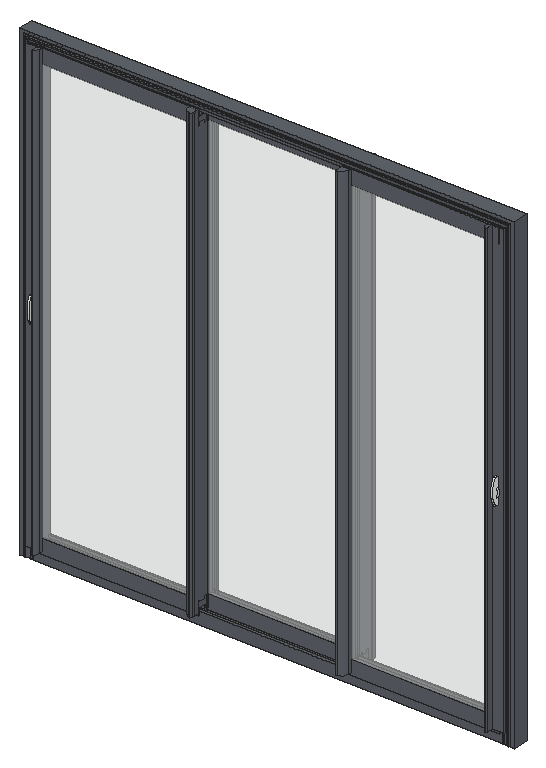
Revit family "Wicslide_65_Glass32_3_leaf_2_track_independent", category Doors, host Wall, Revit 2014
Parameters
  Youtube clip = ""
  Weight Net (Kg) = 0
  Watertightness = "E900"
  Uniclass2 = "Ss-25-30-95-28"
  Uniclass 2015 Name = ""
  Uniclass 2015 Code = ""
  Uniclass 2.0 Description = ""
  Uniclass 2.0 Code = ""
  Uniclass 1.4 Description = ""
  Uniclass 1.4 Code = ""
  URL = "http://www.wicona.com"
  UNSPSC Code = ""
  Technical description = ""
  Sash meeting 3041252 = yes
  Sash meeting 3041251 = no
  Sash meeting 3041250 = not(or(Sash meeting 3041251, Sash meeting 3041252))  # no
  Sash 1041273 = yes
  Thermal (2-leaf frame) = "Uw < 1.5 W/m².K (with Ug = 1.0)"
  Sash 1041272 = no
  Sash 1041271 = no
  Sash 1041270 = not(or(Sash 1041271, Sash 1041272, Sash 1041273))  # no
  Repeated Opening/Closing = "Class 3 (20,000 Cycles)"
  Region South America = "None"
  Region Oceania = "None"
  Region North America = "None"
  Region Middle East = "None"
  Region Europe = "AD, AL, AT, AX, BA, BE, BG, BY, CH, CS, CY, CZ, DE, DK, EE, ES, FI, FO, FR, GB, GG, GI, GR, HR, HU, IE, IM, IS, IT, JE, LI, LT, LU, LV, MC, MD, ME, MK, MT, NL, NO, PL, PT, RO, RS, RU, SE, SI, SJ, SK, SM, UA, VA, XK"
  Region Asia = "None"
  Region Antarctica = "None"
  Region Africa = "None"
  Quality Assurance = "Certified according to ISO 9001:2008"
  QR code = "http://bimobject.com/wicona/product/WICSLIDE_65_W"
  Product group = ""
  Product family = ""
  Product data url = "http://bimobject.com/wicona/product/WICSLIDE_65_W"
  Product certification = ""
  Product SKU = "WICSLIDE_65_W"
  Product Guid = "74bd8be9-202c-4542-9c4e-775a99e34c85"
  Operation = "IFC_DOORSLIDING"
  Operating Forces = "Class 1"
  OmniClass Description = ""
  OmniClass Code = ""
  Nominal width = 220000
  Nominal height = 210000
  NBS Reference Description = ""
  NBS Reference Code = ""
  Model = "Wicslide 65"
  Mechanical Strength = "Class 4"
  Maximum Sash Weight = "160kg as standard design, heavier weights can easily be customised"
  Material secondary = ""
  Material main = ""
  Manufacturer name = "Wicona"
  Manufacturer country = "Germany"
  Manufacturer = "Wicona"
  Load Bearing Capacity of Safety Devices = "Fulfilled"
  Leaf Width = (Width - Leaf 3 Width) / 2 - (Frame Width 2 / 2)  # 736.617 mm
  Leaf Material = WICONA - Aluminium - RAL7016 - Anthracite Grey - Matt
  Leaf Height All = Height - Frame Width 2 - Bottom Offset  # 2006 mm
  Leaf Connect = 6.2 mm  # constant formula
  Leaf 3 Width = (Width - Frame Width 2 * 2) / 3 - 22.4 mm  # 679.267 mm
  Leaf 2 Width = Width - Leaf 3 Width - Leaf Width - (Frame Width 2 * 2)  # 689.117 mm
  Keynote = "L10/330"
  Installation instructions = ""
  IFC Classification = ""
  Handle Material = Aluminium
  Glass Material = WICONA -  Glass
  Function = Interior
  Frame Width 3 = Frame Width - 24.5 mm  # 42.5 mm
  Frame Width 2 = if(Frame 1041226, 47.5 mm, 54.5 mm)  # 47.5 mm
  Frame Width = 67 mm
  Height = 2100 mm
  Wall Closure = By host
  Width = 2200 mm
  Frame Material = WICONA - Aluminium - RAL7016 - Anthracite Grey - Matt
  Frame Depth = 65 mm
  Frame 1041226 = yes
  Frame 1041231 = not(or(Frame 1041226))  # no
  Edition number = 1
  EN1627 Burglar Resistance = "RC1N, RC2N, RC2, RC3, SBD"
  EAN code = ""
  Door Offset = 60 mm
  Door 3 connect = Leaf Width + 48.5 mm  # 785.117 mm
  Design country = "Germany"
  Description = "With  its  various  designs  of  outer  and  opening  frames, multiple  leaf  combinations  (from  2  to  6  leaves)  and  its  comprehensive range of dual colour solutions, the Wicslide 65 brings greater freedom to building design. Designed  to  meet  market  demands,  Wicslide  65  sliding doors are perfectly suited for disabled access."
  Date of publishing = "3/14/2015"
  Corrosion Resistance of the Fittings = "Class 5"
  COBIe Type Category = ""
  Bottom Offset = if(Frame Bottom 1041226, 46.5 mm, 39.5 mm)  # 46.5 mm
  Frame Bottom 1041232 = no
  Frame Bottom 1041226 = yes
  Frame Bottom 1041231 = not(or(Frame Bottom 1041232, Frame Bottom 1041226))  # no
  BIMobject category = ""
  Analytic Construction = "<None>"
  Air Permeability = "Class 4"
  Acoustic = "RA,tr = 35 dB"
Reference planes
  plane 1: y = 0
  plane 2 "Center (Left/Right)": x = 0
  plane 3 "Left": x = -1100
  plane 4 "Right": x = 1100
  plane 5: z = 2100
  plane 6 "Exterior": y = 75
  plane 7 "Interior": y = -75
  plane 8 "base line": y = 15
  plane 9: y = -50
  plane 10: x = -1052.5
  plane 11: z = 2052.5
  plane 12: x = 1052.5
  plane 13: x = -314.883
  plane 14: y = 1081.9
  plane 15: x = -1053.5
  plane 16: x = 1053.5
  plane 17: y = -44
  plane 18: y = 9
  plane 19: z = 2051.035
  plane 20: x = 363.383
Forms (mm)
  Sweep 1, solid, material "WICONA - Aluminium - RAL7016 - Anthracite Grey - Matt" <- "Frame Material", visible <- "Frame 1041231"
    path origin (0, 15, 0) x (-1, 0, 0) y (0, 0, 1)
      loop
        line (1100, 0) -> (1100, 2100) -> (-1100, 2100) -> (-1100, 0)
    profile "Frame_1041231_profil : Frame_1041231_profil" origin (-1100, 15, 1050) x (1, 0, 0) y (0, 1, 0)
      loop
        line (0, 0.014) -> (0, -64.986) -> (47.501, -64.986) -> (47.501, -52.986) -> (28.03, -52.986) -> (28.03, -11.986) -> (47.501, -11.986) -> (47.501, 0.014) -> (0, 0.014)
  Sweep 2, solid, material "WICONA - Aluminium - RAL7016 - Anthracite Grey - Matt" <- "Frame Material", visible <- "Frame Bottom 1041231"
    path origin (0, 15, 0) x (-1, 0, 0) y (0, 0, 1)
      loop
        line (1053.5, 0) -> (-1053.5, 0)
    profile origin (0, 15, 0) x (0, 0, -1) y (0, 1, 0)
      loop
        line (0, 0) -> (-47.501, 0) -> (-47.501, -11.986) -> (-28.03, -11.986) -> (-28.03, -52.986) -> (-47.501, -52.986) -> (-47.501, -65) -> (0, -65) -> (0, 0)
  Sweep 3, solid, material "WICONA - Aluminium - RAL7016 - Anthracite Grey - Matt" <- "Frame Material", visible <- "Frame Bottom 1041226"
    path origin (0, 15, 0) x (-1, 0, 0) y (0, 0, 1)
      loop
        line (1053.5, 0) -> (-1053.5, 0)
    profile origin (0, 15, 0) x (0, 0, -1) y (0, 1, 0)
      loop
        line (-41.095, 0) -> (-54.504, 0) -> (-54.504, -11.986) -> (-35.067, -11.986) -> (-35.067, -52.986) -> (-54.504, -52.986) -> (-54.504, -65) -> (0, -65) -> (0, 0) -> (-16, 0) -> (-16, -5.069) -> (-17.931, -7) -> (-22.706, -7) -> (-22.706, 2) -> (-28.468, 2) -> (-41.095, 0)
  Sweep 4, solid, material "WICONA - Aluminium - RAL7016 - Anthracite Grey - Matt" <- "Frame Material", visible <- "Frame Bottom 1041232"
    path origin (0, 15, 0) x (-1, 0, 0) y (0, 0, 1)
      loop
        line (1053.5, 0) -> (-1053.5, 0)
    profile origin (0, 15, 0) x (0, 0, -1) y (0, 1, 0)
      loop
        line (0, 0) -> (-47.552, 0) -> (-47.552, -12) -> (-28.081, -12) -> (-28.081, -52.986) -> (-47.552, -52.986) -> (-47.552, -65.018) -> (-18.5, -65.018) -> (-18.5, -78.723)
        arc (-18.5, -78.723) -> (-25.362, -83.224) -> (-33.01, -86.2) r 39.233
        line (-33.01, -86.2) -> (-46.2, -86.2) -> (-46.2, -85) -> (-47.5, -85) -> (-47.5, -88) -> (-32.284, -88)
        arc (-32.284, -88) -> (-23.829, -84.402) -> (-16.3, -79.134) r 44.207
        line (-16.3, -79.134) -> (-16.3, -65) -> (0, -65) -> (0, 0)
  Sweep 5, solid, material "WICONA - Aluminium - RAL7016 - Anthracite Grey - Matt" <- "Frame Material", visible <- "Frame 1041226"
    path origin (0, 15, 0) x (-1, 0, 0) y (0, 0, 1)
      loop
        line (1100, 0) -> (1100, 2100) -> (-1100, 2100) -> (-1100, 0)
    profile origin (-1100, 15, 1050) x (1, 0, 0) y (0, 1, 0)
      loop
        line (54.5, -65) -> (54.5, -53) -> (35.067, -53) -> (35.067, -12) -> (54.5, -12) -> (54.5, 0) -> (0, 0) -> (0, -65) -> (16, -65) -> (16, -59.931) -> (17.931, -58) -> (22.706, -58) -> (22.706, -67) -> (28.468, -67) -> (41.095, -65) -> (54.5, -65)
Lines and regions (mm)
  Opening 1
    outline origin (-3050, -75, 0) x (1, 0, 0) y (0, 0, 1)
      loop
        line (1950, 0) -> (4150, 0) -> (4150, 2100) -> (1950, 2100) -> (1950, 0)
  model lines
    curve 1: line (0, -47.728, -46.926) -> (0, -47.728, -43.389)
  symbolic lines, style "Elevation Swing"
    curve 2: line (547.988, -75, 1198.851) -> (827.988, -75, 1198.851)
    curve 3: line (547.988, -75, 1198.851) -> (608.093, -75, 1258.955)
    curve 4: line (547.988, -75, 1198.851) -> (608.093, -75, 1138.747)
    curve 14: line (-547.988, -75, 1198.851) -> (-827.988, -75, 1198.851)
    curve 15: line (-547.988, -75, 1198.851) -> (-608.093, -75, 1258.955)
    curve 16: line (-547.988, -75, 1198.851) -> (-608.093, -75, 1138.747)
  symbolic lines, style "Plan Swing", detail levels coarse
    curve 5: line (-1052.5, -75, 0) -> (-1100, -75, 0)
    curve 6: line (1052.5, 75, 0) -> (1052.5, -75, 0)
    curve 7: line (-1052.5, 75, 0) -> (-1052.5, -75, 0)
    curve 8: line (-1052.5, 75, 0) -> (-1100, 75, 0)
    curve 9: line (1100, 75, 0) -> (1052.5, 75, 0)
    curve 10: line (1100, -75, 0) -> (1052.5, -75, 0)
  symbolic lines, style "Elevation Swing", not visible
    curve 11: line (213.788, -75, 1198.851) -> (493.788, -75, 1198.851)
    curve 12: line (213.788, -75, 1198.851) -> (273.892, -75, 1258.955)
    curve 13: line (213.788, -75, 1198.851) -> (273.892, -75, 1138.747)
Text (mm)
  text "Exterior" at (-2295.016, 1099.543, 0), in view "Ref. Level"
  text "Exterior" at (0, 1615.38, 3698.081), in view "Left"
  text "Exterior" at (0, 1036.032, 3874.932), in view "Right"
Dimensions and locks
  equal spacing: plane 3 "Left", plane 2 "Center (Left/Right)", plane 4 "Right"
  "Width": plane 3 "Left" to plane 4 "Right"
  "Height": plane 5 to host wall
  host wall to plane 5 = 2100 mm  (x2)
  locked: plane 6 "Exterior" to host wall at 0
  locked: plane 7 "Interior" to host wall
  "Door Offset": host wall to plane 8 "base line"
  "Frame Depth": plane 8 "base line" to plane 9
  "Frame Width 2": plane 3 "Left" to plane 10
  "Frame Width 2": plane 11 to plane 5
  "Frame Width 2": plane 12 to plane 4 "Right"
  "Bottom Offset": plane 3 "Left" to plane 15
  "Bottom Offset": plane 16 to plane 4 "Right"
  locked: plane 8 "base line" to plane 18 at 6
  locked: plane 9 to plane 17 at 6
  locked: plane 11 to plane 19 at 1.465
  "Door 3 connect": plane 3 "Left" to plane 13
  "Leaf 2 Width": plane 20 to plane 12
  aligned and locked: plane 3 "Left" to Opening 1 sketch curve
  aligned and locked: plane 5 to Opening 1 sketch curve  (x2)
  aligned and locked: Opening 1 sketch curve to plane 4 "Right"
  aligned and locked: Opening 1 sketch curve to level
  aligned and locked: plane 1 to host wall
  aligned and locked: Sweep 1 sketch curve to plane 3 "Left"
  aligned and locked: plane 5 to Sweep 1 sketch curve
  aligned and locked: plane 4 "Right" to Sweep 1 sketch curve
  aligned and locked: nested 1 to plane 8 "base line"
  aligned and locked: nested 1 to plane 3 "Left"
  aligned and locked: nested 2 to plane 4 "Right"
  aligned and locked: plane 8 "base line" to nested 2
  aligned and locked: plane 9 to nested 3
  aligned and locked: level to nested 3
  aligned and locked: nested 4 to level
  aligned and locked: nested 4 to plane 9
  aligned and locked: level to nested 5
  aligned and locked: plane 9 to nested 5
  aligned and locked: plane 16 to Sweep 3 sketch curve
  aligned and locked: plane 15 to Sweep 3 sketch curve
  aligned and locked: plane 15 to Sweep 4 sketch curve
  aligned and locked: plane 16 to Sweep 4 sketch curve
  aligned and locked: plane 15 to Sweep 2 sketch curve
  aligned and locked: plane 16 to Sweep 2 sketch curve
  aligned and locked: plane 5 to nested 6
  aligned and locked: nested 7 to plane 4 "Right"
  aligned and locked: plane 8 "base line" to nested 7
  aligned and locked: nested 8 to plane 8 "base line"
  aligned and locked: nested 8 to plane 3 "Left"
  aligned and locked: plane 5 to nested 9
  aligned and locked: plane 9 to nested 9
  aligned and locked: plane 7 "Interior" to curve 7
  aligned and locked: plane 6 "Exterior" to curve 7
  aligned and locked: curve 7 to plane 10
  aligned and locked: plane 3 "Left" to curve 8
  aligned and locked: plane 10 to curve 8
  aligned and locked: curve 8 to plane 6 "Exterior"
  aligned and locked: plane 3 "Left" to curve 5
  aligned and locked: curve 5 to plane 7 "Interior"
  aligned and locked: plane 7 "Interior" to curve 6
  aligned and locked: plane 6 "Exterior" to curve 6
  aligned and locked: curve 6 to plane 12
  aligned and locked: plane 4 "Right" to curve 10
  aligned and locked: plane 12 to curve 10
  aligned and locked: curve 10 to plane 7 "Interior"
  aligned and locked: plane 4 "Right" to curve 9
  aligned and locked: curve 9 to plane 6 "Exterior"
  aligned and locked: plane 10 to nested 10
  aligned and locked: nested 10 to plane 18
  aligned and locked: nested 11 to plane 17
  aligned and locked: plane 12 to nested 11
  aligned and locked: nested 6 to plane 9
  aligned and locked: plane 13 to nested 12
  aligned and locked: plane 10 to nested 12
  aligned and locked: plane 13 to nested 13
  aligned and locked: plane 20 to nested 13
  aligned and locked: plane 20 to nested 14
  aligned and locked: plane 12 to nested 14
  aligned and locked: plane 17 to nested 12
  aligned and locked: nested 14 to plane 18
  aligned and locked: nested 13 to plane 18
  aligned and locked: plane 10 to nested 15
  aligned and locked: nested 15 to plane 19
  aligned and locked: plane 17 to nested 15
  aligned and locked: nested 16 to plane 13
  aligned and locked: plane 19 to nested 16
  aligned and locked: nested 16 to plane 18
  aligned and locked: plane 12 to nested 17
  aligned and locked: plane 19 to nested 17
  aligned and locked: nested 17 to plane 17
Automatic sketch dimensions
  Sweep 1 sketch curve to level = 0 mm  (x2)
  Sweep 3 sketch curve to level = 0 mm
  plane 9 to curve 1 = 2.272 mm
  curve 1 to level = 46.926 mm
  curve 1 to curve 1 = 3.537 mm
  Sweep 2 sketch curve to level = 0 mm
  Sweep 4 sketch curve to level = 0 mm
  plane 4 "Right" to Sweep 5 sketch curve = 0 mm
  plane 3 "Left" to Sweep 5 sketch curve = 0 mm
  Sweep 5 sketch curve to level = 0 mm  (x2)
  Sweep 5 sketch curve to plane 5 = 0 mm
  Sweep 3 sketch curve to plane 8 "base line" = 0 mm  (x2)
  Sweep 3 sketch curve to profile plane = 0 mm
  Sweep 3 sketch curve to plane 8 "base line" = 5.069 mm
  profile plane to Sweep 3 sketch curve = 16 mm
  Sweep 3 sketch curve to plane 8 "base line" = 7 mm
  Sweep 3 sketch curve to Sweep 3 sketch curve = 1.931 mm
  plane 8 "base line" to Sweep 3 sketch curve = 2 mm
  Sweep 3 sketch curve to Sweep 3 sketch curve = 6.706 mm
  Sweep 3 sketch curve to Sweep 3 sketch curve = 5.762 mm
  Sweep 3 sketch curve to Sweep 3 sketch curve = 12.361 mm
  Sweep 3 sketch curve to Sweep 3 sketch curve = 12.628 mm
  Sweep 3 sketch curve to Sweep 3 sketch curve = 19.437 mm
  Sweep 3 sketch curve to Sweep 3 sketch curve = 13.408 mm
  Sweep 3 sketch curve to plane 8 "base line" = 11.986 mm
  Sweep 3 sketch curve to Sweep 3 sketch curve = 41 mm
  Sweep 3 sketch curve to Sweep 3 sketch curve = 12.014 mm
  Sweep 2 sketch curve to plane 8 "base line" = 0 mm
  profile plane to Sweep 2 sketch curve = 47.501 mm
  Sweep 2 sketch curve to Sweep 2 sketch curve = 0 mm
  Sweep 2 sketch curve to Sweep 2 sketch curve = 19.471 mm
  Sweep 2 sketch curve to profile plane = 0 mm
  Sweep 2 sketch curve to plane 8 "base line" = 11.986 mm
  Sweep 2 sketch curve to Sweep 2 sketch curve = 41 mm
  Sweep 2 sketch curve to Sweep 2 sketch curve = 12.014 mm
  Sweep 5 sketch curve to plane 8 "base line" = 0 mm
  Sweep 5 sketch curve to profile plane = 0 mm
  Sweep 5 sketch curve to profile plane = 16 mm
  Sweep 5 sketch curve to Sweep 5 sketch curve = 1.931 mm  (x2)
  Sweep 5 sketch curve to Sweep 5 sketch curve = 6.706 mm
  Sweep 5 sketch curve to Sweep 5 sketch curve = 5.762 mm
  Sweep 5 sketch curve to plane 8 "base line" = 12 mm
  Sweep 5 sketch curve to profile plane = 35.067 mm
  Sweep 5 sketch curve to Sweep 5 sketch curve = 19.433 mm  (x2)
  Sweep 5 sketch curve to Sweep 5 sketch curve = 41 mm
  Sweep 5 sketch curve to Sweep 5 sketch curve = 5 mm
  Sweep 5 sketch curve to Sweep 5 sketch curve = 5.069 mm
  Sweep 5 sketch curve to Sweep 5 sketch curve = 2 mm
  Sweep 5 sketch curve to Sweep 5 sketch curve = 12.628 mm
  Sweep 5 sketch curve to Sweep 5 sketch curve = 12 mm
  Sweep 4 sketch curve to plane 8 "base line" = 0 mm
  Sweep 4 sketch curve to profile plane = 0 mm
  profile plane to Sweep 4 sketch curve = 16.3 mm
  Sweep 4 sketch curve to Sweep 4 sketch curve = 2.2 mm
  Sweep 4 sketch curve to plane 8 "base line" = 12 mm
  Sweep 4 sketch curve to Sweep 4 sketch curve = 13.784 mm
  Sweep 4 sketch curve to Sweep 4 sketch curve = 15.252 mm
  Sweep 4 sketch curve to Sweep 4 sketch curve = 1.939 mm
  Sweep 4 sketch curve to Sweep 4 sketch curve = 13.916 mm
  Sweep 4 sketch curve to Sweep 4 sketch curve = 1.3 mm
  Sweep 4 sketch curve to Sweep 4 sketch curve = 4.219 mm
  Sweep 4 sketch curve to Sweep 4 sketch curve = 19.471 mm
  Sweep 4 sketch curve to Sweep 4 sketch curve = 33.744 mm
  Sweep 4 sketch curve to Sweep 4 sketch curve = 2.605 mm
  Sweep 4 sketch curve to Sweep 4 sketch curve = 4.637 mm
  Sweep 4 sketch curve to Sweep 4 sketch curve = 12.014 mm
  Sweep 4 sketch curve to Sweep 4 sketch curve = 12.032 mm
  Sweep 4 sketch curve to Sweep 4 sketch curve = 14.134 mm
  Sweep 4 sketch curve to Sweep 4 sketch curve = 3 mm
  Sweep 4 sketch curve to Sweep 4 sketch curve = 1.2 mm
  Sweep 4 sketch curve to Sweep 4 sketch curve = 0.726 mm
  Sweep 4 sketch curve to Sweep 4 sketch curve = 0.411 mm
Nested families
  nested 1: "Frame_1041231" at (-1100, 15, 0), visible <- "Frame 1041231", type "Frame_1041231"
  nested 2: "Frame_1041231" at (1100, 15, 0) x (-1, 0, 0) z (0, 0, 1), visible <- "Frame 1041231", type "Frame_1041231"
  nested 3: "Frame_1041226" at (0, -50, 0) x (0, 0, 1) z (1, 0, 0), type "Frame_1041226"
  nested 4: "Frame_Bottom_1041232" at (0, 15, 0) x (0, 0, 1) z (1, 0, 0), visible <- "Frame Bottom 1041232", built-in parameter 1006206 <- "Frame Bottom 1041232", type "Frame_Bottom_1041232"
  nested 5: "Frame_1041231" at (0, -50, 0) x (0, 0, 1) z (1, 0, 0), visible <- "Frame Bottom 1041231", type "Frame_1041231"
  nested 6: "Frame_1041231" at (0, 15, 2100) x (0, 0, -1) z (1, 0, 0), type "Frame_1041231"
  nested 7: "Frame_1041226" at (1100, 15, 0) x (-1, 0, 0) z (0, 0, 1), visible <- "Frame 1041226", type "Frame_1041226"
  nested 8: "Frame_1041226" at (-1100, 15, 0), visible <- "Frame 1041226", type "Frame_1041226"
  nested 9: "Frame_1041226" at (0, 15, 2100) x (0, 0, -1) z (1, 0, 0), visible <- "Frame 1041226", type "Frame_1041226"
  nested 10: "Seal" at (-1052.5, 9, 0), type "Seal"
  nested 11: "Seal" at (1052.5, -44, 0) x (-1, 0, 0) z (0, 0, 1), type "Seal"
  nested 12: "sliding door_coarse" at (-1052.5, -44, 0), type "52"
    with built-in parameter 1001306 2.42 (stored number, unit not read)
  nested 13: "sliding door_coarse" at (-314.883, 9, 0), type "52"
    with built-in parameter 1001306 2.2253 (stored number, unit not read)
  nested 14: "sliding door_coarse" at (363.383, 9, 0), type "52"
    with built-in parameter 1001306 2.2609 (stored number, unit not read)
  nested 15: "Leaf_Wicslide_65_G32_2_leaf_2_track_both_sliding_or_1_fixed_1slide" at (-1050.984, -44, 50.305), type "Leaf_Wicslide_65_G32_2_leaf_2_track_both_sliding_or_1_fixed_1slide"
    with Sash 1041273 yes, Sash 1041271 no, Handle Distance 22 mm, Leaf Width 736.617 mm, Leaf Height 2006 mm
  nested 16: "Leaf_Wicslide_65_G32_3_leaf_2_track_independent_2_meet" at (-314.883, 9, 50.306), type "Leaf_Wicslide_65_G32_3_leaf_2_track_independent_2_meet"
    with Sash 1041273 yes, Sash 1041271 no, Leaf Width 679.267 mm, Leaf Height 2006 mm
  nested 17: "Leaf_Wicslide_65_G32_2_leaf_2_track_both_sliding_or_1_fixed_1slide_duble" at (1052.5, -44, 50.305) x (-1, 0, 0) z (0, 0, 1), type "Leaf_Wicslide_65_G32_2_leaf_2_track_both_sliding_or_1_fixed_1slide_duble"
    with Sash 1041273 yes, Sash 1041271 no, Handle Distance 22 mm, Leaf Width 689.117 mm, Leaf Height 2006 mm
Definition of nested family "Leaf_Wicslide_65_G32_2_leaf_2_track_both_sliding_or_1_fixed_1slide"
  Parameters (values of type "Leaf_Wicslide_65_G32_2_leaf_2_track_both_sliding_or_1_fixed_1slide")
    Sash meeting 3041252 = yes
    Sash meeting 3041250 = no
    Sash meeting 3041251 = no
    Sash 1041273 = no
    Sash 1041270 = no
    Sash 1041271 = yes
    Sash 1041272 = no
    Profil Bottom = 4 mm
    Handle Distance = if(Sash 1041270, 22 mm, if(Sash 1041271, 45 mm, if(Sash 1041272, 42 mm, 22 mm)))  # 45 mm
    Leaf Width = 896 mm
    Leaf Material = Aluminium
    Leaf Height = 2000 mm
    Handle Material = Aluminium
    Handle Height = 850 mm  # constant formula
    Glass Width = 32 mm
    Glass Offset 2 = 7 mm  # constant formula
    Glass Offset = 46.1 mm  # constant formula
    Glass Material = WICONA -  Glass
    Glas Offset Bottom = 46.6 mm
    Frame Material = Aluminium
    16 = 16 mm
  Reference planes
    plane 1 "Center (Front/Back)": y = 0
    plane 2: z = 0
    plane 3 "Center (Left/Right)": x = 0
    plane 4: x = 896
    plane 5: z = 2000
    plane 6: x = 46.1
    plane 7: x = 889
    plane 8: z = 1953.4
    plane 9: z = 46.6
    plane 10: z = 896.6
    plane 11: x = 58.1
    plane 12: y = -16
    plane 13: y = 16
    plane 14: x = -3.312
    plane 15: x = 899.312
    plane 16: z = 46.6
    plane 17: y = -45
    plane 18: x = 20
    plane 19: z = 960.237
    plane 20: x = -1.516
    plane 21: y = -21.816
    plane 22: z = -5.306
    plane 23: z = 25
    plane 24: x = 914.975
    plane 25: z = 2010.5
    plane 26: z = 1980.5
    plane 27: z = 4
    plane 28: x = -9.9
  Forms (mm)
    Sweep 1, solid, material "Aluminium" <- "Leaf Material", visible <- "Sash 1041270"
      path origin (-1.381, 0, 34.551) x (1, 0, 0) y (0, 0, 1)
        loop
          line (0, -30.551) -> (0, 1970.678)
      profile origin (-1.381, 0, 1004.615) x (-1, 0, 0) y (0, -1, 0)
        loop
          line (-59.481, -22) -> (8.519, -22) -> (8.519, -16.6) -> (-10.369, -16.6) -> (-10.369, 16.6) -> (8.519, 16.6) -> (8.519, 22) -> (-59.395, 22) -> (-59.395, 16) -> (-47.481, 16) -> (-47.481, -16) -> (-59.481, -16) -> (-59.481, -22)
    Extrusion 2, solid, material "WICONA -  Glass" <- "Glass Material", detail levels medium+fine
      sketch origin (-214.248, -550.766, -473.088) x (1, 0, 0) y (0, 0, 1)
        loop
          line (260.348, 2426.488) -> (260.348, 519.688) -> (1103.248, 519.688) -> (1103.248, 2426.488) -> (260.348, 2426.488)
      from -566.766 to -534.766
    Sweep 3, solid, material "Aluminium" <- "Leaf Material"
      path origin (0, 0, 0) x (1, 0, 0) y (0, 0, 1)
        loop
          line (8.988, 0) -> (914.975, 0)
      profile origin (461.982, 0, 0) x (0, 0, 1) y (0, -1, 0)
        loop
          line (-5.306, -20.1) -> (58.694, -20.1) -> (58.694, -16) -> (46.634, -16) -> (46.634, 16) -> (58.694, 16) -> (58.694, 20.1) -> (-5.306, 20.1) -> (-5.306, 16.6) -> (5.236, 16.6) -> (5.236, 18.5) -> (25.914, 18.5) -> (25.914, -18.502) -> (5.236, -18.502) -> (5.236, -16.602) -> (-5.306, -16.602) -> (-5.306, -20.1)
    Sweep 4, solid, material "Aluminium" <- "Leaf Material", visible <- "Sash meeting 3041250"
      path origin (0, 0, 0) x (1, 0, 0) y (0, 0, 1)
        loop
          line (896, 2005.23) -> (896, 4)
      profile origin (896, 0, 1004.615) x (0, -1, 0) y (1, 0, 0)
        loop
          line (-22.3, -19.026) -> (-16, -19.026) -> (-16, -7.023) -> (16, -7.023) -> (16, -19.026) -> (22, -19.026) -> (22, 18.975) -> (-25.992, 18.975) -> (-25.992, 0) -> (-22.3, 0) -> (-22.3, -19.026)
    Sweep 5, solid, material "Aluminium" <- "Leaf Material", visible <- "Sash 1041273"
      path origin (0, 0, 0) x (1, 0, 0) y (0, 0, 1)
        loop
          line (0, 4) -> (0, 2005.23)
      profile origin (0, 0, 1004.615) x (-1, 0, 0) y (0, -1, 0)
        loop
          line (9.9, -22) -> (9.9, -16.517) -> (-12.05, -16.517) -> (-12.05, 16.671) -> (9.9, 16.671) -> (9.9, 22) -> (-41.1, 22) -> (-41.1, 47) -> (-42.787, 54.915) -> (-43.872, 56) -> (-47.182, 56)
          arc (-47.182, 56) -> (-54.565, 44.34) -> (-58.1, 31) r 45.352
          line (-58.1, 31) -> (-58.1, -22) -> (9.9, -22)
    Sweep 6, solid, material "Aluminium" <- "Leaf Material", visible <- "Sash 1041272"
      path origin (0, 0, 0) x (1, 0, 0) y (0, 0, 1)
        loop
          line (0, 4) -> (0, 2005.23)
      profile origin (0, 0, 1004.615) x (-1, 0, 0) y (0, -1, 0)
        loop
          line (-58.1, -22) -> (9.9, -22) -> (9.9, -16) -> (-8.988, -16) -> (-8.988, 16) -> (9.9, 16) -> (9.9, 22) -> (-6.1, 22) -> (-6.1, 41.999) -> (-58.1, 41.999) -> (-58.1, 16) -> (-46.1, 16) -> (-46.1, -16) -> (-58.1, -16) -> (-58.1, -22)
    Sweep 7, solid, material "Aluminium" <- "Leaf Material", visible <- "Sash 1041271"
      path origin (0, 0, 0) x (1, 0, 0) y (0, 0, 1)
        loop
          line (0, 4) -> (0, 2005.23)
      profile origin (0, 0, 1004.615) x (-1, 0, 0) y (0, -1, 0)
        loop
          line (9.9, -22) -> (9.9, -16.6) -> (-8.988, -16.6) -> (-8.988, 16.6) -> (9.9, 16.6) -> (9.9, 45) -> (-58.1, 45) -> (-58.1, 16) -> (-46.136, 16) -> (-46.136, -16) -> (-58.1, -16) -> (-58.1, -22) -> (9.9, -22)
    Sweep 8, solid, material "Aluminium" <- "Leaf Material", visible <- "Sash meeting 3041252"
      path origin (0, 0, 0) x (1, 0, 0) y (0, 0, 1)
        loop
          line (896, 4) -> (896, 2005.23)
      profile origin (896, 0, 1004.615) x (-1, 0, 0) y (0, -1, 0)
        loop
          line (19.026, -22.3) -> (19.026, -16.183) -> (7, -16.183) -> (7, 16) -> (19.026, 16) -> (19.026, 30.94)
          arc (19.026, 30.94) -> (9.037, 49.24) -> (-7.45, 62) r 50.906
          line (-7.45, 62) -> (-13.135, 62) -> (-14.994, 60.998) -> (-17.979, 49.857) -> (-18.975, 41.747) -> (-18.975, -25.992) -> (0, -25.992) -> (0, -22.3) -> (19.026, -22.3)
    Sweep 9, solid, material "Aluminium" <- "Leaf Material", visible <- "Sash meeting 3041251"
      path origin (0, 0, 0) x (1, 0, 0) y (0, 0, 1)
        loop
          line (896, 4) -> (896, 2005.23)
      profile origin (896, 0, 1004.615) x (-1, 0, 0) y (0, -1, 0)
        loop
          line (0, -22.3) -> (19.026, -22.3) -> (19.026, -16) -> (7.023, -16) -> (7.023, 16) -> (19.026, 16) -> (19.026, 57) -> (-18.975, 57) -> (-18.975, -25.992) -> (0, -25.992) -> (0, -22.3)
    Sweep 10, solid, material "Aluminium" <- "Leaf Material"
      path origin (0, 0, 5.236) x (1, 0, 0) y (0, 0, 1)
        loop
          line (12.05, 2000) -> (914.975, 2000)
      profile origin (463.512, 0, 2005.236) x (0, 0, 1) y (0, -1, 0)
        loop
          line (-0.006, 20.1) -> (-64.007, 20.1) -> (-64.007, 16) -> (-51.87, 16) -> (-51.87, -16) -> (-64.006, -16) -> (-64.006, -20.1) -> (-0.005, -20.1) -> (-0.005, -16.6) -> (-10.505, -16.6) -> (-10.505, -18.5) -> (-31.192, -18.5) -> (-31.192, 18.502) -> (-10.506, 18.502) -> (-10.506, 16.602) -> (-0.006, 16.602) -> (-0.006, 20.1)
    Extrusion 11, void
      sketch origin (0, 0, 0) x (1, 0, 0) y (0, 1, 0)
        loop
          line (889, 16) -> (889, -16) -> (925.276, -16) -> (925.276, 16) -> (889, 16)
      from -5.306 to 25
    Extrusion 12, void
      sketch origin (0, 0, 0) x (1, 0, 0) y (0, 1, 0)
        loop
          line (922.34, 16) -> (889, 16) -> (889, -16) -> (922.34, -16) -> (922.34, 16)
      from -5.306 to 25
    Extrusion 13, void
      sketch origin (0, 0, 140) x (1, 0, 0) y (0, 1, 0)
        loop
          line (922.34, 16) -> (889, 16) -> (889, -16) -> (922.34, -16) -> (922.34, 16)
      from 1840.5 to 1870.5
  Cuts and joins
    Extrusion 11, Extrusion 12 cuts Extrusion 2
    Extrusion 11, Extrusion 12 cuts Sweep 3
    Extrusion 11, Extrusion 12, Extrusion 13 cuts Sweep 9
    Extrusion 12, Extrusion 13 cuts Sweep 4
    Extrusion 12, Extrusion 13 cuts Sweep 8
  Lines and regions (mm)
    symbolic lines, style "GenericModel", detail levels medium+fine
      curve 1: line (0, 16, 1953.4) -> (0, 16, 46.6)
      curve 2: line (0, -16, 1953.4) -> (0, -16, 46.6)
      curve 3: line (0, 0, 1953.4) -> (0, 0, 46.6)
  Dimensions and locks
    "Leaf Width": plane 3 "Center (Left/Right)" to plane 4
    "Leaf Height": plane 5 to level
    "Glass Offset": plane 3 "Center (Left/Right)" to plane 6
    "Glass Offset 2": plane 7 to plane 4
    "Glas Offset Bottom": plane 5 to plane 8
    level to plane 10 = 896.6 mm
    "Handle Height": plane 10 to plane 9
    "Glas Offset Bottom": plane 9 to level
    locked: plane 3 "Center (Left/Right)" to plane 14 at 3.312
    locked: plane 15 to plane 4 at 3.312
    locked: plane 3 "Center (Left/Right)" to plane 18 at 20
    "Handle Distance": plane 17 to plane 1 "Center (Front/Back)"
    plane 19 to level = 960.237 mm
    plane 21 to plane 1 "Center (Front/Back)" = 21.816 mm
    plane 23 to level to plane 22 = 25 mm locked, 5.306 mm locked
    locked: plane 4 to plane 24 at 18.975
    plane 25 to plane 5 to plane 26 = 10.5 mm locked, 19.5 mm locked
    "Profil Bottom": plane 27 to level
    "Glass Width": plane 12 to plane 13
    "16": plane 1 "Center (Front/Back)" to plane 13
    locked: plane 28 to plane 3 "Center (Left/Right)" at 9.9
    aligned and locked: level to plane 2
    aligned and locked: plane 9 to plane 16
    aligned and locked: nested 3 to level
    aligned and locked: nested 3 to plane 1 "Center (Front/Back)"
    aligned and locked: Extrusion 2 to plane 6
    aligned and locked: plane 7 to Extrusion 2
    aligned and locked: plane 8 to Extrusion 2
    aligned and locked: Extrusion 2 to plane 9
    aligned and locked: Extrusion 2 to plane 13
    aligned and locked: plane 12 to Extrusion 2
    aligned and locked: Sweep 4 to Sweep 3 sketch curve
    aligned and locked: plane 17 to nested 10
    aligned and locked: nested 10 to plane 18
    aligned and locked: plane 19 to nested 10
    aligned and locked: plane 1 "Center (Front/Back)" to nested 11
    aligned and locked: Sweep 10 to Sweep 4 sketch curve
    aligned and locked: Sweep 10 to Sweep 9 sketch curve
    aligned and locked: Sweep 10 to Sweep 8 sketch curve
    aligned and locked: Sweep 10 to Sweep 7 sketch curve
    aligned and locked: Sweep 10 to Sweep 6 sketch curve
    aligned and locked: Sweep 10 to Sweep 5 sketch curve
    aligned and locked: Sweep 10 to Sweep 1 sketch curve
    aligned and locked: Sweep 7 to Sweep 3 sketch curve
    aligned and locked: nested 12 to plane 17
    aligned and locked: nested 12 to plane 18
    aligned and locked: plane 23 to cut or joined group of Sweep 9, Extrusion 11, Extrusion 12, Extrusion 13
    aligned and locked: cut or joined group of Sweep 9, Extrusion 11, Extrusion 12, Extrusion 13 to plane 22
    aligned and locked: cut or joined group of Sweep 9, Extrusion 11, Extrusion 12, Extrusion 13 to plane 7
    aligned and locked: plane 27 to Sweep 9 sketch curve
    aligned and locked: plane 27 to Sweep 4 sketch curve
    aligned and locked: plane 27 to Sweep 7 sketch curve
    aligned and locked: plane 27 to Sweep 6 sketch curve
    aligned and locked: plane 27 to Sweep 5 sketch curve
    aligned and locked: plane 27 to Sweep 1 sketch curve
    aligned and locked: plane 27 to Sweep 8 sketch curve
    aligned and locked: nested 13 to plane 8
    aligned and locked: nested 13 to plane 9
    aligned and locked: nested 1 to plane 1 "Center (Front/Back)"
    aligned and locked: plane 3 "Center (Left/Right)" to nested 1
    aligned and locked: nested 4 to plane 3 "Center (Left/Right)"
    aligned and locked: nested 4 to plane 1 "Center (Front/Back)"
    aligned and locked: nested 5 to plane 3 "Center (Left/Right)"
    aligned and locked: nested 5 to plane 1 "Center (Front/Back)"
    aligned and locked: nested 2 to plane 1 "Center (Front/Back)"
    aligned and locked: plane 4 to nested 2
    aligned and locked: nested 8 to plane 1 "Center (Front/Back)"
    aligned and locked: plane 4 to nested 8
    aligned and locked: plane 4 to nested 7
    aligned and locked: nested 7 to plane 1 "Center (Front/Back)"
    aligned and locked: plane 7 to nested 14
    aligned and locked: plane 6 to nested 14
    aligned and locked: plane 12 to nested 14
    aligned and locked: plane 12 to nested 13
    aligned and locked: cut or joined group of Sweep 8, Extrusion 12, Extrusion 13 to plane 7  (x2)
    aligned and locked: cut or joined group of Sweep 8, Extrusion 12, Extrusion 13 to plane 22
    aligned and locked: plane 23 to cut or joined group of Sweep 8, Extrusion 12, Extrusion 13
    aligned and locked: plane 25 to cut or joined group of Sweep 8, Extrusion 12, Extrusion 13
    aligned and locked: cut or joined group of Sweep 8, Extrusion 12, Extrusion 13 to plane 26
    aligned and locked: plane 5 to nested 11
    aligned and locked: nested 6 to nested 9
    aligned and locked: nested 9 to plane 1 "Center (Front/Back)"
  Automatic sketch dimensions
    curve 2 to plane 8 = 0 mm
    curve 2 to plane 12 = 0 mm
    curve 3 to plane 1 "Center (Front/Back)" = 0 mm
    curve 1 to plane 9 = 0 mm
    curve 1 to plane 13 = 0 mm
    curve 2 to plane 9 = 0 mm
    curve 3 to plane 9 = 0 mm
    curve 3 to plane 8 = 0 mm
    curve 1 to plane 8 = 0 mm
    plane 20 to Sweep 1 sketch curve = 0.135 mm
    Sweep 1 sketch curve to profile plane = 22 mm
    profile plane to Sweep 1 sketch curve = 59.481 mm
    Sweep 1 sketch curve to Sweep 1 sketch curve = 0.086 mm
    Sweep 1 sketch curve to Sweep 1 sketch curve = 11.914 mm
    profile plane to Sweep 1 sketch curve = 10.369 mm
    Sweep 1 sketch curve to profile plane = 8.519 mm  (x2)
    Sweep 1 sketch curve to Sweep 1 sketch curve = 5.4 mm  (x2)
    Sweep 1 sketch curve to Sweep 1 sketch curve = 6 mm
    profile plane to Sweep 1 sketch curve = 16 mm
    profile plane to Sweep 1 sketch curve = 16.6 mm
    Extrusion 2 sketch curve to plane 6 = 0 mm
    Extrusion 2 sketch curve to plane 7 = 0 mm
    Extrusion 2 sketch curve to plane 9 = 0 mm
    Extrusion 2 sketch curve to plane 8 = 0 mm
    Sweep 3 sketch curve to level = 0 mm
    profile plane to Sweep 3 sketch curve = 5.306 mm  (x2)
    Sweep 3 sketch curve to profile plane = 5.236 mm  (x2)
    Sweep 3 sketch curve to Sweep 3 sketch curve = 20.678 mm
    plane 16 to Sweep 3 sketch curve = 0.034 mm
    plane 16 to Sweep 3 sketch curve = 12.094 mm  (x2)
    Sweep 3 sketch curve to plane 1 "Center (Front/Back)" = 20.1 mm
    Sweep 3 sketch curve to plane 1 "Center (Front/Back)" = 18.502 mm
    Sweep 3 sketch curve to Sweep 3 sketch curve = 3.498 mm
    Sweep 3 sketch curve to Sweep 3 sketch curve = 4.1 mm  (x2)
    plane 1 "Center (Front/Back)" to Sweep 3 sketch curve = 16 mm
    plane 1 "Center (Front/Back)" to Sweep 3 sketch curve = 16.6 mm
    Sweep 3 sketch curve to Sweep 3 sketch curve = 1.9 mm
    Sweep 4 sketch curve to plane 4 = 0 mm
    Sweep 4 sketch curve to profile plane = 0 mm
    Sweep 4 sketch curve to plane 1 "Center (Front/Back)" = 25.992 mm
    Sweep 4 sketch curve to Sweep 4 sketch curve = 3.692 mm
    Sweep 4 sketch curve to Sweep 4 sketch curve = 6.3 mm
    profile plane to Sweep 4 sketch curve = 7.023 mm
    plane 1 "Center (Front/Back)" to Sweep 4 sketch curve = 16 mm
    Sweep 4 sketch curve to Sweep 4 sketch curve = 6 mm
    Sweep 4 sketch curve to Sweep 4 sketch curve = 12.003 mm  (x2)
    Sweep 4 sketch curve to profile plane = 18.975 mm
    Sweep 5 sketch curve to plane 3 "Center (Left/Right)" = 0 mm
    profile plane to Sweep 5 sketch curve = 58.1 mm
    Sweep 5 sketch curve to Sweep 5 sketch curve = 10.918 mm
    Sweep 5 sketch curve to Sweep 5 sketch curve = 3.31 mm
    Sweep 5 sketch curve to Sweep 5 sketch curve = 1.085 mm  (x2)
    Sweep 5 sketch curve to Sweep 5 sketch curve = 1.687 mm
    profile plane to Sweep 5 sketch curve = 13.004 mm
    Sweep 5 sketch curve to Sweep 5 sketch curve = 0.954 mm
    Sweep 5 sketch curve to profile plane = 9.9 mm  (x2)
    Sweep 5 sketch curve to plane 1 "Center (Front/Back)" = 22 mm
    Sweep 5 sketch curve to plane 1 "Center (Front/Back)" = 16.517 mm
    plane 1 "Center (Front/Back)" to Sweep 5 sketch curve = 16.671 mm
    Sweep 5 sketch curve to Sweep 5 sketch curve = 5.329 mm
    Sweep 5 sketch curve to Sweep 5 sketch curve = 9.518 mm
    Sweep 5 sketch curve to Sweep 5 sketch curve = 9 mm  (x2)
    Sweep 6 sketch curve to plane 3 "Center (Left/Right)" = 0 mm
    Sweep 6 sketch curve to plane 1 "Center (Front/Back)" = 22 mm
    profile plane to Sweep 6 sketch curve = 58.1 mm
    Sweep 6 sketch curve to Sweep 6 sketch curve = 0 mm
    Sweep 6 sketch curve to Sweep 6 sketch curve = 12 mm
    profile plane to Sweep 6 sketch curve = 8.988 mm
    profile plane to Sweep 6 sketch curve = 6.1 mm
    Sweep 6 sketch curve to profile plane = 9.9 mm  (x2)
    Sweep 6 sketch curve to Sweep 6 sketch curve = 6 mm  (x2)
    Sweep 6 sketch curve to plane 1 "Center (Front/Back)" = 16 mm
    plane 1 "Center (Front/Back)" to Sweep 6 sketch curve = 16 mm  (x2)
    Sweep 6 sketch curve to Sweep 6 sketch curve = 19.999 mm
    Sweep 7 sketch curve to plane 3 "Center (Left/Right)" = 0 mm
    profile plane to Sweep 7 sketch curve = 58.1 mm
    Sweep 7 sketch curve to Sweep 7 sketch curve = 0 mm
    Sweep 7 sketch curve to Sweep 7 sketch curve = 11.964 mm
    profile plane to Sweep 7 sketch curve = 8.988 mm
    Sweep 7 sketch curve to profile plane = 9.9 mm  (x2)
    Sweep 7 sketch curve to plane 1 "Center (Front/Back)" = 22 mm
    Sweep 7 sketch curve to Sweep 7 sketch curve = 5.4 mm
    Sweep 7 sketch curve to Sweep 7 sketch curve = 6 mm
    plane 1 "Center (Front/Back)" to Sweep 7 sketch curve = 16 mm
    plane 1 "Center (Front/Back)" to Sweep 7 sketch curve = 16.6 mm
    Sweep 7 sketch curve to Sweep 7 sketch curve = 28.4 mm
    Sweep 8 sketch curve to plane 4 = 0 mm
    Sweep 8 sketch curve to profile plane = 0 mm
    profile plane to Sweep 8 sketch curve = 7.45 mm
    Sweep 8 sketch curve to Sweep 8 sketch curve = 5.685 mm
    Sweep 8 sketch curve to Sweep 8 sketch curve = 1.859 mm
    Sweep 8 sketch curve to Sweep 8 sketch curve = 2.985 mm
    Sweep 8 sketch curve to Sweep 8 sketch curve = 0.996 mm
    plane 1 "Center (Front/Back)" to Sweep 8 sketch curve = 16.215 mm
    Sweep 8 sketch curve to Sweep 8 sketch curve = 10.729 mm
    Sweep 8 sketch curve to profile plane = 7 mm
    Sweep 8 sketch curve to Sweep 8 sketch curve = 12.026 mm  (x2)
    plane 1 "Center (Front/Back)" to Sweep 8 sketch curve = 16 mm
    Sweep 8 sketch curve to plane 1 "Center (Front/Back)" = 16.183 mm
    Sweep 8 sketch curve to Sweep 8 sketch curve = 6.117 mm
    Sweep 8 sketch curve to Sweep 8 sketch curve = 3.692 mm
    Sweep 8 sketch curve to Sweep 8 sketch curve = 14.94 mm
    Sweep 8 sketch curve to Sweep 8 sketch curve = 20.253 mm
    Sweep 8 sketch curve to Sweep 8 sketch curve = 8.11 mm
    Sweep 8 sketch curve to Sweep 8 sketch curve = 1.002 mm
    Sweep 9 sketch curve to plane 4 = 0 mm
    Sweep 9 sketch curve to profile plane = 0 mm
    profile plane to Sweep 9 sketch curve = 18.975 mm
    Sweep 9 sketch curve to profile plane = 7.023 mm
    Sweep 9 sketch curve to profile plane = 19.026 mm
    Sweep 9 sketch curve to Sweep 9 sketch curve = 12.003 mm
    Sweep 9 sketch curve to plane 1 "Center (Front/Back)" = 25.992 mm
    Sweep 9 sketch curve to Sweep 9 sketch curve = 3.692 mm
    Sweep 9 sketch curve to Sweep 9 sketch curve = 6.3 mm
    plane 1 "Center (Front/Back)" to Sweep 9 sketch curve = 16 mm
    Sweep 9 sketch curve to Sweep 9 sketch curve = 41 mm
    plane 5 to Sweep 10 sketch curve = 5.236 mm
    Sweep 10 sketch curve to plane 24 = 0 mm
    plane 18 to Sweep 10 sketch curve = 7.95 mm
    Extrusion 11 sketch curve to plane 7 = 0 mm
    plane 12 to Extrusion 11 sketch curve = 0 mm
    plane 13 to Extrusion 11 sketch curve = 0 mm
    plane 24 to Extrusion 11 sketch curve = 10.301 mm
    Extrusion 12 sketch curve to plane 7 = 0 mm
    plane 12 to Extrusion 12 sketch curve = 0 mm
    plane 13 to Extrusion 12 sketch curve = 0 mm
    plane 24 to Extrusion 12 sketch curve = 7.365 mm
    plane 7 to Extrusion 13 sketch curve = 0 mm
    plane 12 to Extrusion 13 sketch curve = 0 mm
    plane 13 to Extrusion 13 sketch curve = 0 mm
    plane 24 to Extrusion 13 sketch curve = 7.365 mm
    plane 1 "Center (Front/Back)" to Sweep 10 sketch curve = 20.1 mm
    profile plane to Sweep 10 sketch curve = 64.007 mm
    Sweep 10 sketch curve to plane 1 "Center (Front/Back)" = 16 mm
    Sweep 10 sketch curve to Sweep 10 sketch curve = 0.001 mm
    Sweep 10 sketch curve to Sweep 10 sketch curve = 12.136 mm
    Sweep 10 sketch curve to Sweep 10 sketch curve = 20.678 mm
    profile plane to Sweep 10 sketch curve = 10.506 mm
    profile plane to Sweep 10 sketch curve = 10.505 mm
    profile plane to Sweep 10 sketch curve = 0.006 mm
    profile plane to Sweep 10 sketch curve = 0.005 mm
    Sweep 10 sketch curve to plane 1 "Center (Front/Back)" = 16.6 mm
    Sweep 10 sketch curve to Sweep 10 sketch curve = 1.9 mm
    Sweep 10 sketch curve to Sweep 10 sketch curve = 4.1 mm  (x2)
    Sweep 10 sketch curve to Sweep 10 sketch curve = 3.498 mm
    plane 1 "Center (Front/Back)" to Sweep 10 sketch curve = 18.502 mm
  Nested families
    nested 1: "Sash Verticals_1041270" at (-9.9, 22, 0), visible <- "Sash 1041270", type "Sash Verticals_1041270"
    nested 2: "Sash meeting 3041250" at (896, 18, 0), visible <- "Sash meeting 3041250", type "Sash meeting 3041250"
    nested 3: "Sash_horizontal_1041274" at (0, 0, 0) x (0, 1, 0) z (1, 0, 0), type "Sash_horizontal_1041274"
    nested 4: "Sash Verticals_1041271" at (-9.9, 22, 0), visible <- "Sash 1041271", type "Sash Verticals_1041271"
    nested 5: "Sash Verticals_1041272" at (-9.9, 22, 0), visible <- "Sash 1041272", type "Sash Verticals_1041272"
    nested 6: "Sash Verticals_1041273" at (-9.9, 22, 0), visible <- "Sash 1041273", type "Sash Verticals_1041273"
    nested 7: "Sash meeting 3041251" at (896, 18, 0), visible <- "Sash meeting 3041251", type "Sash meeting_3041251"
    nested 8: "Sash meeting 3041252" at (896, 18, 0), visible <- "Sash meeting 3041252", type "Sash meeting_3041252"
    nested 9: "Sash_lock" at (-9.9, 18, 0), type "Sash_lock"
    nested 10: "wicona_handle_2" at (20, -45, 956.633) x (-1, 0, 0) z (0, 0, 1), type "wicona_handle_2", detail levels medium+fine
    nested 11: "Sash_horizontal_1041274" at (0, 0, 2000) x (0, -1, 0) z (1, 0, 0), type "Sash_horizontal_1041274"
    nested 12: "wicona_handle_2d" at (20, -45, 0), type "wicona_handle_2d"
    nested 13: "window_2_pieces_glass_line" at (0, -16, 1953.4) x (0, 0, -1) z (1, 0, 0), type "T32"
      with built-in parameter 1001306 6.2559 (stored number, unit not read)
    nested 14: "window_2_pieces_glass_line" at (46.1, -16, 0), type "T32"
      with built-in parameter 1001306 2.7654 (stored number, unit not read)
  Definition of nested family "wicona_handle_2"
    Parameters (values of type "wicona_handle_2")
      Leaf Thickness = 119.445 mm
      Handle Material = Aluminium
    Reference planes
      plane 1 "Center (Front/Back)": y = 0
      plane 2: z = 0
      plane 3 "Center (Left/Right)": x = 0
      plane 4: x = -12.5
      plane 5: x = 12.5
      plane 6: y = -25
    Forms (mm)
      Extrusion 1, solid, material "Aluminium" <- "Handle Material"
        sketch origin (0, 0, 0) x (1, 0, 0) y (0, 0, 1)
          loop
            line (0, 24.936) -> (0, -24.936)
            arc (0, -24.936) -> (9.865, 0) -> (0, 24.936) r 36.45
        from 0 to 7.131
      Extrusion 2, solid, material "Aluminium" <- "Handle Material"
        sketch origin (0, 0, 0) x (0, 1, 0) y (0, 0, 1)
          loop
            line (0, 61.209) -> (-11.38, 61.209)
            arc (-11.38, 61.209) -> (-25.13, 4.31) -> (-11.38, -52.589) r 124.599
            line (-11.38, -52.589) -> (0, -52.589) -> (0, 61.209)
        from -4.798 to 4.287
      Extrusion 3, solid, material "Aluminium" <- "Handle Material"
        sketch origin (-0.471, 0, 3.281) x (0.788011, 0, 0.615661) y (-0.615661, 0, 0.788011)
          loop
            line (-12.5, 3.457) -> (-12.5, -1.543) -> (2.5, -1.543) -> (2.5, 3.457) -> (-12.5, 3.457)
        from 0 to 7.131
    Dimensions and locks
      aligned and locked: level to plane 2
  Definition of nested family "Sash Verticals_1041270"
    Reference planes
      plane 1 "Center (Front/Back)": y = 0
      plane 2: z = 0
      plane 3 "Center (Left/Right)": x = 0
      plane 4: y = -44
      plane 5: y = -22
      plane 6: y = -6
      plane 7: y = -38
    Lines and regions (mm)
      Filled region 1, type "Concrete", in view "Ref. Level", detail levels medium
        outline origin (18.997, 3.58, 0) x (1, 0, 0) y (0, 1, 0)
          loop
            line (-18.997, -3.58) -> (-18.997, -8.98) -> (-9.097, -8.98) -> (-9.097, -5.18) -> (-0.109, -5.18) -> (-0.109, -45.98) -> (-9.097, -45.98) -> (-9.097, -42.18) -> (-18.997, -42.18) -> (-18.997, -47.58) -> (49.003, -47.58) -> (49.003, -41.58) -> (37.039, -41.58) -> (37.039, -9.58) -> (49.003, -9.58) -> (49.003, -3.58) -> (-18.997, -3.58)
      model lines, style "GLAS", in view "Ref. Level", detail levels fine
        curve 1: line (56.036, -2.324, 0) -> (56.036, -40.117, 0)
  Definition of nested family "Sash meeting 3041250"
    Parameters (values of type "Sash meeting 3041250")
      6 = 6 mm
    Reference planes
      plane 1 "Center (Front/Back)": y = 0
      plane 2: z = 0
      plane 3 "Center (Left/Right)": x = 0
      plane 4: y = -40
      plane 5: y = -18
      plane 6: x = 18.975
      plane 7: y = -2
      plane 8: y = -34
    Lines and regions (mm)
      Filled region 1, type "Concrete", in view "Ref. Level", detail levels medium
        outline origin (18.997, 3.58, 0) x (1, 0, 0) y (0, 1, 0)
          loop
            line (-0.022, -43.58) -> (-0.022, 4.412) -> (-18.997, 4.412) -> (-18.997, 0.72) -> (-38.109, 0.72) -> (-38.109, -5.58) -> (-26.02, -5.58) -> (-26.02, -37.58) -> (-38.109, -37.58) -> (-38.109, -43.58) -> (-0.022, -43.58)
  Definition of nested family "Sash_horizontal_1041274"
    Reference planes
      plane 1 "Center (Front/Back)": y = 0
      plane 2: z = 0
      plane 3 "Center (Left/Right)": x = 0
      plane 4: y = -5.264
      plane 5: y = 46.634
      plane 6: x = -16
      plane 7: x = 16
    Lines and regions (mm)
      Filled region 1, type "Concrete", in view "Ref. Level", detail levels medium
        outline origin (18.997, 3.58, 0) x (1, 0, 0) y (0, 1, 0)
          loop
            line (-39.097, -8.845) -> (-35.597, -8.845) -> (-35.597, 1.655) -> (-37.497, 1.655) -> (-37.497, 22.334) -> (-0.495, 22.334) -> (-0.495, 1.655) -> (-2.394, 1.655) -> (-2.394, -8.845) -> (1.103, -8.845) -> (1.103, 55.157) -> (-2.997, 55.157) -> (-2.997, 43.054) -> (-34.997, 43.054) -> (-34.997, 55.156) -> (-39.097, 55.156) -> (-39.097, -8.845)
      detail lines, style "CENT3", in view "Ref. Level", not visible
        curve 1: line (123.517, -4.599, 0) -> (123.517, -38.599, 0)
      detail lines, style "GLAS", in view "Ref. Level", not visible
        curve 2: line (83.517, -9.599, 0) -> (123.517, -9.599, 0)
        curve 3: line (123.517, -9.599, 0) -> (123.517, -14.599, 0)
        curve 4: line (123.517, -14.599, 0) -> (83.517, -14.599, 0)
        curve 5: line (83.517, -14.599, 0) -> (83.517, -9.599, 0)
        curve 6: line (83.517, -28.599, 0) -> (123.517, -28.599, 0)
        curve 7: line (123.517, -28.599, 0) -> (123.517, -33.599, 0)
        curve 8: line (123.517, -33.599, 0) -> (83.517, -33.599, 0)
        curve 9: line (83.517, -33.599, 0) -> (83.517, -28.599, 0)
        curve 10: line (83.517, -10.599, 0) -> (123.517, -10.599, 0)
        curve 11: line (83.517, -11.599, 0) -> (123.517, -11.599, 0)
        curve 12: line (83.517, -12.599, 0) -> (123.517, -12.599, 0)
        curve 13: line (83.517, -13.599, 0) -> (123.517, -13.599, 0)
        curve 14: line (83.517, -14.599, 0) -> (123.517, -14.599, 0)
        curve 15: line (93.517, -14.599, 0) -> (93.517, -28.599, 0)
        curve 16: line (83.517, -28.599, 0) -> (123.517, -28.599, 0)
        curve 17: line (83.517, -29.599, 0) -> (123.517, -29.599, 0)
        curve 18: line (83.517, -30.599, 0) -> (123.517, -30.599, 0)
        curve 19: line (83.517, -31.599, 0) -> (123.517, -31.599, 0)
        curve 20: line (83.517, -32.599, 0) -> (123.517, -32.599, 0)
        curve 21: line (123.517, -9.599, 0) -> (83.517, -9.599, 0)
        curve 22: line (83.517, -9.599, 0) -> (83.517, -33.599, 0)
        curve 23: line (83.517, -33.599, 0) -> (123.517, -33.599, 0)
      detail lines, style "GLAS", in view "Ref. Level", not visible, detail levels fine
        curve 24: line (56.036, -6.117, 0) -> (96.036, -6.117, 0)
        curve 25: line (96.036, -30.117, 0) -> (56.036, -30.117, 0)
        curve 26: line (96.036, -6.117, 0) -> (56.036, -6.117, 0)
        curve 27: line (56.036, -6.117, 0) -> (56.036, -30.117, 0)
        curve 28: line (56.036, -30.117, 0) -> (96.036, -30.117, 0)
  Definition of nested family "Sash Verticals_1041271"
    Reference planes
      plane 1 "Center (Front/Back)": y = 0
      plane 2: z = 0
      plane 3 "Center (Left/Right)": x = 0
      plane 4: y = -44
      plane 5: y = -22
      plane 6: y = -6
      plane 7: y = -38
    Lines and regions (mm)
      Filled region 1, type "Concrete", in view "Ref. Level", detail levels medium
        outline origin (18.997, 3.58, 0) x (1, 0, 0) y (0, 1, 0)
          loop
            line (-18.997, -3.58) -> (-18.997, -8.98) -> (-9.097, -8.98) -> (-9.097, -5.18) -> (-0.109, -5.18) -> (-0.109, -45.98) -> (-9.097, -45.98) -> (-9.097, -42.18) -> (-18.997, -42.18) -> (-18.997, -70.58) -> (49.003, -70.58) -> (49.003, -41.58) -> (37.039, -41.58) -> (37.039, -9.58) -> (49.003, -9.58) -> (49.003, -3.58) -> (-18.997, -3.58)
      model lines, style "GLAS", in view "Ref. Level", detail levels fine
        curve 1: line (56.036, -2.324, 0) -> (56.036, -40.117, 0)
  Definition of nested family "Sash Verticals_1041272"
    Reference planes
      plane 1 "Center (Front/Back)": y = 0
      plane 2: z = 0
      plane 3 "Center (Left/Right)": x = 0
      plane 4: y = -44
      plane 5: y = -22
      plane 6: y = -6
      plane 7: y = -38
    Lines and regions (mm)
      Filled region 1, type "Concrete", in view "Ref. Level", detail levels medium
        outline origin (18.997, 5.863, 0) x (1, 0, 0) y (0, 1, 0)
          loop
            line (-18.997, -5.863) -> (-18.997, -11.863) -> (-8.997, -11.863) -> (-8.997, -7.463) -> (-0.109, -7.463) -> (-0.109, -48.263) -> (-8.997, -48.263) -> (-8.997, -43.863) -> (-18.997, -43.863) -> (-18.997, -49.863) -> (-2.997, -49.863) -> (-2.997, -69.862) -> (49.003, -69.862) -> (49.003, -43.863) -> (37.039, -43.863) -> (37.039, -11.863) -> (49.003, -11.863) -> (49.003, -5.863) -> (-18.997, -5.863)
      model lines, style "GLAS", in view "Ref. Level", detail levels fine
        curve 1: line (56.036, -2.324, 0) -> (56.036, -40.117, 0)
  Definition of nested family "Sash Verticals_1041273"
    Reference planes
      plane 1 "Center (Front/Back)": y = 0
      plane 2: z = 0
      plane 3 "Center (Left/Right)": x = 0
      plane 4: y = -44
      plane 5: y = -22
      plane 6: y = -6
      plane 7: y = -38
    Lines and regions (mm)
      Filled region 1, type "Concrete", in view "Ref. Level", detail levels medium
        outline origin (18.997, 5.863, 0) x (1, 0, 0) y (0, 1, 0)
          loop
            line (-18.997, -5.863) -> (-18.997, -11.263) -> (-8.997, -11.263) -> (-8.997, -7.463) -> (-0.109, -7.463) -> (-0.109, -48.263) -> (-8.997, -48.263) -> (-8.997, -44.463) -> (-18.997, -44.463) -> (-18.997, -49.863) -> (32.003, -49.863) -> (32.003, -72.818) -> (32.786, -79.191) -> (34.42, -83.863) -> (38.085, -83.863)
            arc (38.085, -83.863) -> (45.505, -72.219) -> (49.003, -58.863) r 44.553
            line (49.003, -58.863) -> (49.003, -43.863) -> (37.039, -43.863) -> (37.039, -11.863) -> (49.003, -11.863) -> (49.003, -5.863) -> (-18.997, -5.863)
      model lines, style "GLAS", in view "Ref. Level", detail levels fine
        curve 1: line (56.036, -2.324, 0) -> (56.036, -40.117, 0)
  Definition of nested family "Sash meeting 3041251"
    Parameters (values of type "Sash meeting 3041251")
      6 = 6 mm
    Reference planes
      plane 1 "Center (Front/Back)": y = 0
      plane 2: z = 0
      plane 3 "Center (Left/Right)": x = 0
      plane 4: y = -40
      plane 5: y = -18
      plane 6: x = 18.975
      plane 7: y = -2
      plane 8: y = -34
      plane 9: y = 4.5
    Lines and regions (mm)
      Filled region 1, type "Concrete", in view "Ref. Level", detail levels medium
        outline origin (18.997, 3.58, 0) x (1, 0, 0) y (0, 1, 0)
          loop
            line (-0.022, -78.58) -> (-0.022, 4.412) -> (-18.997, 4.412) -> (-18.997, 0.72) -> (-38.109, 0.72) -> (-38.109, -5.58) -> (-26.02, -5.58) -> (-26.02, -37.58) -> (-38.109, -37.58) -> (-38.109, -78.58) -> (-0.022, -78.58)
  Definition of nested family "Sash meeting 3041252"
    Parameters (values of type "Sash meeting 3041252")
      6 = 6 mm
    Reference planes
      plane 1 "Center (Front/Back)": y = 0
      plane 2: z = 0
      plane 3 "Center (Left/Right)": x = 0
      plane 4: y = -40
      plane 5: y = -18
      plane 6: x = 18.975
      plane 7: y = -2
      plane 8: y = -34
      plane 9: y = 4.5
    Lines and regions (mm)
      Filled region 1, type "Concrete", in view "Ref. Level", detail levels medium
        outline origin (18.997, 3.58, 0) x (1, 0, 0) y (0, 1, 0)
          loop
            line (-0.022, -60.28) -> (-0.022, 4.412) -> (-18.997, 4.412) -> (-18.997, 0.72) -> (-38.109, 0.72) -> (-38.109, -5.58) -> (-26.02, -5.58) -> (-26.02, -37.58) -> (-38.109, -37.58) -> (-38.109, -52.434)
            arc (-38.109, -52.434) -> (-28.07, -70.772) -> (-11.546, -83.58) r 51.285
            line (-11.546, -83.58) -> (-4.436, -83.58) -> (-0.022, -60.28)
  Definition of nested family "Sash_lock"
    Reference planes
      plane 1 "Center (Front/Back)": y = 0
      plane 2: z = 0
      plane 3 "Center (Left/Right)": x = 0
      plane 4: y = -36
      plane 5: y = -18
  Definition of nested family "wicona_handle_2d"
    Reference planes
      plane 1 "Center (Front/Back)": y = 0
      plane 2: z = 0
      plane 3 "Center (Left/Right)": x = 0
    Lines and regions (mm)
      Filled region 1, type "Concrete", in view "Ref. Level", detail levels medium
        outline origin (18.997, 3.58, 0) x (1, 0, 0) y (0, 1, 0)
          loop
            line (-32.997, -3.58) -> (-32.997, -9.933) -> (-24.997, -13.663) -> (-24.997, -27.833) -> (-22.937, -29.893) -> (-14.406, -29.893) -> (-13.407, -28.894) -> (-12.884, -13.903) -> (-10.056, -13.145) -> (-10.056, -16.127) -> (-7.132, -23.016) -> (0.376, -23.016) -> (1.978, -21.414) -> (0.932, -15.482) -> (-2.662, -8.313) -> (-7.394, -3.58) -> (-32.997, -3.58)
      model lines, style "PIECES", in view "Ref. Level", detail levels fine
        curve 1: arc (14, -1.6, 0) -> (13.707, -0.893, 0) -> (13, -0.6, 0) r 1
        curve 2: arc (6.221, -10.26, 0) -> (7.596, -9.888, 0) -> (8.949, -9.443, 0) r 26.5
        curve 3: arc (-13.393, -7.367, 0) -> (-9.913, -9.076, 0) -> (-6.221, -10.26, 0) r 26.5
        curve 4: arc (11.211, -7.242, 0) -> (11.535, -6.913, 0) -> (11.677, -6.473, 0) r 1
        curve 5: line (11.793, -0.6, 0) -> (12.052, -0.6, 0)
        curve 6: line (12.052, -0.6, 0) -> (13, -0.6, 0)
        curve 7: line (8.949, -12.262, 0) -> (8.949, -8.492, 0)
        curve 8: line (-4.591, -26.312, 0) -> (4.591, -26.312, 0)
        curve 9: line (-5.814, -25, 0) -> (-6.068, -10.451, 0)
        curve 10: line (-6.068, -10.451, 0) -> (-6.221, -10.26, 0)
        curve 11: line (5.815, -24.927, 0) -> (6.068, -10.451, 0)
        curve 12: line (6.068, -10.451, 0) -> (6.221, -10.26, 0)
        curve 13: line (11.211, -7.242, 0) -> (10.341, -7.762, 0)
        curve 14: line (10.341, -7.762, 0) -> (9.463, -8.24, 0)
        curve 15: line (9.463, -8.24, 0) -> (8.565, -8.68, 0)
        curve 16: line (8.565, -8.68, 0) -> (7.649, -9.083, 0)
        curve 17: line (7.505, -9.142, 0) -> (7.006, -9.364, 0)
        curve 18: line (-13.393, -7.367, 0) -> (-13.886, -6.543, 0)
        curve 19: line (-13.886, -6.543, 0) -> (-14, 0, 0)
        curve 20: line (-14, 0, 0) -> (11.805, 0, 0)
        curve 21: line (11.805, 0, 0) -> (11.786, -1, 0)
        curve 22: line (11.786, -1, 0) -> (11.766, -2, 0)
        curve 23: line (11.766, -2, 0) -> (11.747, -2.999, 0)
        curve 24: line (11.747, -2.999, 0) -> (11.727, -3.999, 0)
        curve 25: line (11.727, -3.999, 0) -> (11.708, -4.999, 0)
        curve 26: line (11.708, -4.999, 0) -> (11.688, -5.999, 0)
        curve 27: line (11.688, -5.999, 0) -> (11.68, -6.413, 0)
        curve 28: line (12.793, -0.754, 0) -> (13.413, -1.137, 0)
        curve 29: line (13.413, -1.137, 0) -> (14.151, -1.812, 0)
        curve 30: line (14.151, -1.812, 0) -> (14.853, -2.523, 0)
        curve 31: line (14.853, -2.523, 0) -> (15.519, -3.269, 0)
        curve 32: line (15.519, -3.269, 0) -> (16.149, -4.046, 0)
        curve 33: line (16.149, -4.046, 0) -> (16.743, -4.851, 0)
        curve 34: line (16.743, -4.851, 0) -> (17.301, -5.68, 0)
        curve 35: line (17.301, -5.68, 0) -> (17.61, -6.174, 0)
        curve 36: line (12.052, -0.6, 0) -> (12.765, -0.743, 0)
        curve 37: line (17.643, -6.231, 0) -> (18.091, -7.125, 0)
        curve 38: line (18.091, -7.125, 0) -> (18.508, -8.034, 0)
        curve 39: line (18.508, -8.034, 0) -> (18.897, -8.955, 0)
        curve 40: line (18.897, -8.955, 0) -> (19.257, -9.888, 0)
        curve 41: line (19.257, -9.888, 0) -> (19.59, -10.831, 0)
